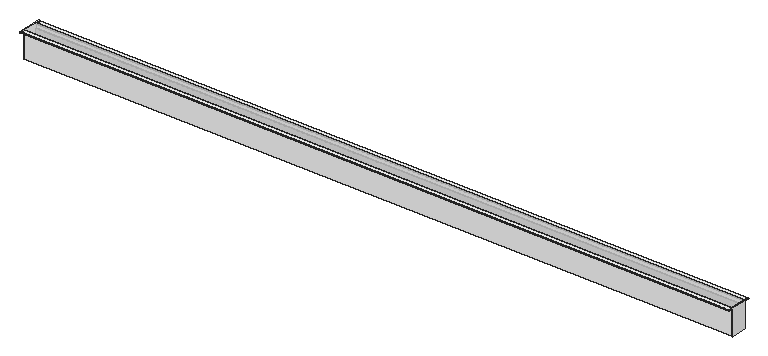
Revit family "2093136 Sylvania Lighting Fixture MC2 TRIM 2-4M 3K DALIEM WHT OPAL", category Lighting Fixtures, host Face, Revit 2016
Family settings
  Host = Face
  Part Type = Normal
  Round Connector Dimension = Use Diameter
  OmniClass Number = 23.80.70.11.17
  OmniClass Title = Specialized Lighting by Location or Use
  Cut with Voids When Loaded = No
  Light Source = Yes
  Shared = No
  Room Calculation Point = No
Parameters (values of type "2093136 MC2 TRIM 2.4M 3K DALIEM WHT OPAL Emergency mode")
  Width_SYL = 54.0 mm
  Weight = "5.9 kg"
  Wattage = 45 W
  WarrantyStartDate [instance] = "n/a"
  WarrantyGuarantorParts = "n/a"
  WarrantyDurationUnit = "n/a"
  WarrantyDurationParts = "n/a"
  WarrantyDescription = "n/a"
  built-in parameter 1150110 = 1 (stored number, unit not read)
  Voltage = 0 V
  URL = "http://www.sylvania-lighting.com"
  TypeName = "MC2 TRIM 2.4M 3K DALIEM WHT OPAL Emergency mode"
  built-in parameter 1114217 = 1 (stored number, unit not read)
  Tilt Angle = -90.00°
  built-in parameter 1150109 = 1 (stored number, unit not read)
  built-in parameter 1150134 = (empty or 0)
  built-in parameter 1150113 = 1 (stored number, unit not read)
  SerialNumber [instance] = "n/a"
  PowerFactor = 0.98
  PowerConsumption = "45 W"
  NominalWidth = 0.0 mm
  NominalLength = 2400.0 mm
  NominalHeight = 86.0 mm
  Name = "MC2 TRIM 2.4M 3K DALIEM WHT OPAL Emergency mode"
  ModelReference = "MC2 TRIM 2.4M 3K DALIEM WHT OPAL"
  ModelNumber = "2093136"
  Material_3_SYL = Metal_Sylvania_Mini Contiuum II_Silver
  Photometric Web File = "2093136EM.ies"
  Material = "aluminium housing, polycarbonate diffuser"
  ManufacturerName = "Feilo Sylvania"
  LuminousEfficacy = "2.688 lm/W"
  LuminaireType = ""
  LightOutputRatio = "100"
  Length_SYL = 2400.0 mm
  LampsType = Lamp  # "LED"
  LampNominalLuminous = "121 lm"
  LampMacAdamStep = "3"
  LampColourTemperature = "3000 K"
  LampColourRenderingIndex = "80"
  Keynote = "16500"
  InstallationDate [instance] = "n/a"
  InputVoltage = "n/a"
  InputNominalFrequency = "n/a"
  IngressProtection = "IP20"
  ImpactProtectionIndex = "n/a"
  IfcExportType = "IfcLightFixtureType"
  IfcExportAs = "IfcLightFixtureType"
  Height_SYL = 86.0 mm
  ExpectedLife = 50000
  EndCapRight_SYL [instance] = yes
  EndCapLeft_SYL [instance] = yes
  Emit from Rectangle Width = Width_SYL - 2.0 mm  # 52.0 mm
  Emit from Rectangle Length = Length_SYL  # 2400.0 mm
  Emit Shape Visible in Rendering = no
  ElectricShockClassification = "Class I"
  DurationUnit = "hours"
  DocumentationLiterature = "http://www.sylvania-lighting.com/product/en-int/products/2093136"
  DimmingControlOptions = "n/a"
  CreatedOn = "10/15/2018"
  CreatedBy = "@sylvania-lighting.com"
  built-in parameter 1114216 [instance] = 1 (stored number, unit not read)
  Model = "MC2 TRIM 2.4M 3K DALIEM WHT OPAL"
  Manufacturer = "Feilo Sylvania"  # constant formula
  built-in parameter 1150105 = 9.6289 (stored number, unit not read)
  Lumens = 121 lm
  built-in parameter 1150115 = 1 (stored number, unit not read)
  built-in parameter 1150137 = (empty or 0)
  built-in parameter 1150139 = (empty or 0)
  built-in parameter 1150112 = 1 (stored number, unit not read)
  built-in parameter 1150114 = 1 (stored number, unit not read)
  Lamp = "LED"
  built-in parameter 1150132 = 2
  built-in parameter 1150102 = (empty or 0)
  built-in parameter 1150107 = 3000 (stored number, unit not read)
  built-in parameter 1150138 = (empty or 0)
  built-in parameter 1150106 = 0.096289 (stored number, unit not read)
  Material_1_SYL = Metal_Sylvania_Mini Continuum II_White
  built-in parameter 1150104 = 0.24981 (stored number, unit not read)
  Dimming Lamp Color Temperature Shift = <None>
  Material_2_SYL = Polycarbonate_Sylvania_Mini Continuum II_Opal_4000K
  Description = "Mini Continuum II introduces a uniquely clean, simple LED lighting system offering continuous, highly uniform lines of light across walls and ceilings. This highly versatile lighting tool can be recessed, semi-recessed, surface-mounted or suspended, either vertically or horizontally. Available as direct/indirect or direct only distribution - both of which can be interconnected. Every batten has a plug and socket arrangement for easy and rapid electrical installation. Mini Continuum II Direct is available in two versions: one with an outside trim detail for plasterboard ceilings; and a trimless version for when a seamless effect is required. Dimmable DALI versions and 3hr non-maintained integral emergency options are available as standard options"  # constant formula
  Default Elevation = 0.0 mm
  Color Filter = 16777215
  built-in parameter 1140040 [instance] = 1
  BarCode [instance] = "n/a"
  built-in parameter 1114218 = 1 (stored number, unit not read)
  built-in parameter 1150133 = 10 (stored number, unit not read)
  AssetType = "Fixed"
  AssetIdentifier [instance] = "n/a"
  Assembly Code = "D5020200"
  Apparent Load = 45 VA
Types (2, lengths in mm): name | TypeName | Name | Photometric Web File | LuminousEfficacy | LampNominalLuminous | built-in parameter 1150105 | Lumens | built-in parameter 1150106 | built-in parameter 1150104
  2093136 MC2 TRIM 2.4M 3K DALIEM WHT OPAL Emergency mode | "MC2 TRIM 2.4M 3K DALIEM WHT OPAL Emergency mode" | "MC2 TRIM 2.4M 3K DALIEM WHT OPAL Emergency mode" | "2093136EM.ies" | "2.688 lm/W" | "121 lm" | 9.6289 (stored number, unit not read) | 121 lm | 0.096289 (stored number, unit not read) | 0.24981 (stored number, unit not read)
  2093136 MC2 TRIM 2.4M 3K DALIEM WHT OPAL | "MC2 TRIM 2.4M 3K DALIEM WHT OPAL" | "MC2 TRIM 2.4M 3K DALIEM WHT OPAL" | "2093136.ies" | "98 lm/W" | "4414 lm" | 350.94 (stored number, unit not read) | 4410 lm | 3.5094 (stored number, unit not read) | 9.1045 (stored number, unit not read)
Reference planes
  plane 1 "Center (Front/Back)": y = 0
  plane 2 "Bottom Fixtures": z = 0
  plane 3 "Center (Left/Right)": x = 0
  plane 4 "Fixture Left": x = -1200
  plane 5 "Fixture Right": x = 1200
  plane 6 "Fixture Bottom": z = 2
  plane 7: z = 0
  plane 8: z = -2
  plane 9: z = -11.049
  plane 10: z = -41.049
  plane 11 "Fixture Top": z = -84
  plane 12: y = 27
  plane 13: y = -27
  plane 14: y = -26
  plane 15: y = -25
  plane 16: y = 26
  plane 17: y = 25
  plane 18: y = 11
  plane 19: y = -11
  plane 20: y = 24
  plane 21: y = 22
  plane 22: y = -22
  plane 23: y = 15
  plane 24: y = -15
  plane 25: y = 40
  plane 26: y = -40
  plane 27: x = -1202
  plane 28: x = 1202
Forms (mm)
  Extrusion 1, solid, material "Metal_Sylvania_Mini Continuum II_White" <- "Material_1_SYL", detail levels fine
    sketch origin (0, 0, -84) x (0, 1, 0) y (0, 0, 1)
      loop
        line (27, 84) -> (40, 84) -> (40, 86) -> (26, 86) -> (26, 84) -> (25, 84) -> (25, 2) -> (13, 2) -> (13, 4) -> (-13, 4) -> (-13, 2) -> (-25, 2) -> (-25, 84) -> (-26, 84) -> (-26, 86) -> (-40, 86) -> (-40, 84) -> (-27, 84) -> (-27, 0) -> (-11, 0) -> (-11, 2) -> (11, 2) -> (11, 0) -> (27, 0) -> (27, 84)
    from -1200 to 1200
  Extrusion 2, solid, material "Polycarbonate_Sylvania_Mini Continuum II_Opal_4000K" <- "Material_2_SYL", detail levels fine
    sketch origin (0, 0, -84) x (0, 1, 0) y (0, 0, 1)
      loop
        line (-26, 86) -> (-26, 84) -> (26, 84) -> (26, 86) -> (-26, 86)
    from -1200 to 1200
  Extrusion 3, solid, material "Metal_Sylvania_Mini Contiuum II_Silver" <- "Material_3_SYL", detail levels fine
    sketch origin (0, 0, -84) x (0, 1, 0) y (0, 0, 1)
      loop
        line (22, 72.951) -> (20.973, 72.951) -> (14.206, 43.951) -> (-14.206, 43.951) -> (-20.973, 72.951) -> (-22, 72.951) -> (-15, 42.951) -> (15, 42.951) -> (22, 72.951)
    from -1200 to 1200
  Extrusion 4, solid, material "Metal_Sylvania_Mini Continuum II_White" <- "Material_1_SYL", detail levels coarse+medium
    sketch origin (0, 0, -84) x (0, 1, 0) y (0, 0, 1)
      loop
        line (-27, 86) -> (-27, 0) -> (27, 0) -> (27, 86) -> (-27, 86)
    from -1200 to 1200
  Extrusion 5, solid, material "Metal_Sylvania_Mini Continuum II_White" <- "Material_1_SYL", detail levels coarse+medium
    sketch origin (0, 0, -84) x (0, 1, 0) y (0, 0, 1)
      loop
        line (40, 86) -> (27, 86) -> (27, 84) -> (40, 84) -> (40, 86)
      loop
        line (-27, 86) -> (-40, 86) -> (-40, 84) -> (-27, 84) -> (-27, 86)
    from -1200 to 1200
  Extrusion 6, void
    sketch origin (0, 0, 0) x (0, 1, 0) y (0, 0, 1)
      loop
        line (27, 0) -> (-27, 0) -> (-27, -84) -> (27, -84) -> (27, 0)
    from -1200 to 1200
  Extrusion 7, solid, material "Metal_Sylvania_Mini Continuum II_White" <- "Material_1_SYL", visible <- "EndCapLeft_SYL"
    sketch origin (-1200, 171.684, 1219.2) x (0, 1, 0) y (0, 0, 1)
      loop
        line (-198.684, -1219.2) -> (-198.684, -1303.2) -> (-144.684, -1303.2) -> (-144.684, -1219.2) -> (-131.684, -1219.2) -> (-131.684, -1217.2) -> (-211.684, -1217.2) -> (-211.684, -1219.2) -> (-198.684, -1219.2)
    from 0 to -2
  Extrusion 8, solid, material "Metal_Sylvania_Mini Continuum II_White" <- "Material_1_SYL", visible <- "EndCapRight_SYL"
    sketch origin (1200, 171.684, 1219.2) x (0, 1, 0) y (0, 0, -1)
      loop
        line (-131.684, 1217.2) -> (-131.684, 1219.2) -> (-144.684, 1219.2) -> (-144.684, 1303.2) -> (-198.684, 1303.2) -> (-198.684, 1219.2) -> (-211.684, 1219.2) -> (-211.684, 1217.2) -> (-131.684, 1217.2)
    from 0 to -2
Lines and regions (mm)
  Masking region 1
    outline origin (0, 0, -86) x (-1, 0, 0) y (0, -1, 0)
      loop
        line (1200, -40) -> (1200, 40) -> (-1200, 40) -> (-1200, -40) -> (1200, -40)
  symbolic lines, detail levels fine
    curve 1: line (-1200, 27, -86) -> (1200, 27, -86)
    curve 2: line (-1200, -27, -86) -> (1200, -27, -86)
Dimensions and locks
  host sketch curve to plane 3 "Center (Left/Right)" to host sketch curve = 1260.0 mm, 1259.41 mm
  equal spacing: plane 4 "Fixture Left", plane 3 "Center (Left/Right)", plane 5 "Fixture Right"
  "Length_SYL": plane 4 "Fixture Left" to plane 5 "Fixture Right"
  plane 6 "Fixture Bottom" to plane 7 to plane 8 to plane 9 to plane 10 = 2.0 mm locked, 2.0 mm locked, 9.049 mm locked, 30.0 mm locked
  locked: Extrusion 1 sketch curve to Extrusion 1 sketch curve at 2
  "Height_SYL": plane 6 "Fixture Bottom" to plane 11 "Fixture Top"
  equal spacing: plane 12, plane 1 "Center (Front/Back)", plane 13
  plane 19 to plane 24 to plane 22 to plane 15 to plane 14 to plane 13 to plane 26 = 4.0 mm locked, 7.0 mm locked, 3.0 mm locked, 1.0 mm locked, 1.0 mm locked, 13.0 mm locked
  plane 25 to plane 12 to plane 16 to plane 17 to plane 20 to plane 21 to plane 23 to plane 18 = 13.0 mm locked, 1.0 mm locked, 1.0 mm locked, 1.0 mm locked, 2.0 mm locked, 7.0 mm locked, 4.0 mm locked
  "Width_SYL": plane 12 to plane 13
  equal spacing: plane 27, plane 3 "Center (Left/Right)", plane 28
  locked: plane 27 to plane 4 "Fixture Left" at 2
  aligned and locked: plane 2 "Bottom Fixtures" to host face
  aligned and locked: level to host face
  aligned and locked: Extrusion 1 sketch curve to plane 7  (x2)
  aligned and locked: plane 6 "Fixture Bottom" to Extrusion 1 sketch curve  (x2)
  aligned and locked: plane 7 to Extrusion 1 sketch curve
  aligned and locked: Extrusion 1 to Extrusion 2 sketch curve
  aligned and locked: Extrusion 2 sketch curve to Extrusion 1  (x3)
  aligned and locked: Extrusion 3 sketch curve to plane 10
  aligned and locked: plane 9 to Extrusion 3 sketch curve
  aligned and locked: Extrusion 3 sketch curve to plane 9
  aligned and locked: Extrusion 4 sketch curve to plane 6 "Fixture Bottom"
  aligned and locked: Extrusion 5 sketch curve to Extrusion 1  (x6)
  aligned and locked: Extrusion 4 to Extrusion 5 sketch curve
  aligned and locked: Extrusion 5 sketch curve to Extrusion 4
  aligned and locked: Extrusion 1 to Extrusion 6 sketch curve
  aligned and locked: Extrusion 6 sketch curve to Extrusion 1
  aligned and locked: Extrusion 6 sketch curve to plane 11 "Fixture Top"
  aligned and locked: Extrusion 6 sketch curve to plane 13
  aligned and locked: Extrusion 6 to plane 5 "Fixture Right"
  aligned and locked: plane 6 "Fixture Bottom" to imposter light
  aligned and locked: Masking region 1 sketch curve to Extrusion 1  (x4)
  aligned and locked: plane 5 "Fixture Right" to curve 1
  aligned and locked: plane 4 "Fixture Left" to curve 1
  aligned and locked: plane 12 to curve 1
  aligned and locked: plane 4 "Fixture Left" to curve 2
  aligned and locked: plane 5 "Fixture Right" to curve 2
  aligned and locked: curve 2 to plane 13
  aligned and locked: Extrusion 4 to plane 5 "Fixture Right"
  aligned and locked: Extrusion 1 to plane 5 "Fixture Right"
  aligned and locked: Extrusion 3 to plane 5 "Fixture Right"
  aligned and locked: Extrusion 4 to plane 4 "Fixture Left"
  aligned and locked: Extrusion 1 to plane 4 "Fixture Left"
  aligned and locked: Extrusion 3 to plane 4 "Fixture Left"
  aligned and locked: Extrusion 2 to plane 5 "Fixture Right"
  aligned and locked: Extrusion 5 to plane 5 "Fixture Right"
  aligned and locked: Extrusion 5 to plane 4 "Fixture Left"
  aligned and locked: Extrusion 2 to plane 4 "Fixture Left"
  aligned and locked: Extrusion 6 to plane 4 "Fixture Left"
  aligned and locked: Extrusion 4 to Extrusion 7 sketch curve
  aligned and locked: Extrusion 7 sketch curve to Extrusion 4  (x2)
  aligned and locked: Extrusion 7 sketch curve to Extrusion 5  (x4)
  aligned and locked: plane 6 "Fixture Bottom" to Extrusion 7 sketch curve
  aligned and locked: Extrusion 7 to plane 27
  aligned and locked: plane 4 "Fixture Left" to Extrusion 7
  aligned and locked: Extrusion 8 sketch curve to Extrusion 7  (x8)
  aligned and locked: plane 28 to Extrusion 8
  aligned and locked: plane 5 "Fixture Right" to Extrusion 8
Automatic sketch dimensions
  host sketch curve to host sketch curve = 1047.463 mm
  Extrusion 1 sketch curve to plane 26 = 0.0 mm
  Extrusion 1 sketch curve to plane 13 = 0.0 mm
  Extrusion 1 sketch curve to plane 14 = 0.0 mm
  Extrusion 1 sketch curve to plane 15 = 0.0 mm
  Extrusion 1 sketch curve to plane 19 = 0.0 mm
  Extrusion 1 sketch curve to plane 18 = 0.0 mm
  Extrusion 1 sketch curve to plane 17 = 0.0 mm
  Extrusion 1 sketch curve to plane 16 = 0.0 mm
  Extrusion 1 sketch curve to level = 0.0 mm
  Extrusion 1 sketch curve to plane 12 = 0.0 mm
  Extrusion 1 sketch curve to plane 25 = 0.0 mm
  Extrusion 1 sketch curve to plane 11 "Fixture Top" = 0.0 mm  (x2)
  Extrusion 1 sketch curve to plane 19 = 2.0 mm
  Extrusion 1 sketch curve to plane 18 = 2.0 mm
  plane 11 "Fixture Top" to Extrusion 1 sketch curve = 2.0 mm  (x3)
  Extrusion 3 sketch curve to plane 22 = 0.0 mm
  Extrusion 3 sketch curve to plane 24 = 0.0 mm
  Extrusion 3 sketch curve to plane 23 = 0.0 mm
  Extrusion 3 sketch curve to plane 21 = 0.0 mm
  plane 10 to Extrusion 3 sketch curve = 1.0 mm
  Extrusion 3 sketch curve to Extrusion 3 sketch curve = 1.027 mm  (x2)
  plane 24 to Extrusion 3 sketch curve = 0.794 mm
  plane 23 to Extrusion 3 sketch curve = 0.794 mm
  Extrusion 4 sketch curve to plane 11 "Fixture Top" = 0.0 mm
  Extrusion 4 sketch curve to plane 13 = 0.0 mm
  Extrusion 4 sketch curve to plane 12 = 0.0 mm
Connectors
  electrical at (-1200, 0, 0), driven by "Apparent Load"
    settings: index 1, voltage 230 V, apparent load 0 VA, apparent load phase1 45 VA, apparent load phase2 0 VA, apparent load phase3 0 VA, power factor 1, load classification "Lighting", number of poles 1, system type 31, power factor state 1, is connector primary yes, connector utility no, sub classification motor no, connector description ""
